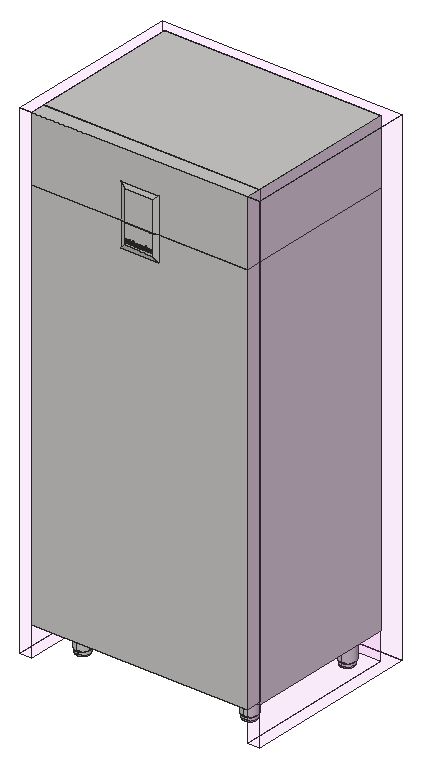
Revit family "QF_ELECTROLUXPROFESSIONAL_691355_PS09F1FHC", category Specialty Equipment, Revit 2018
Family settings
  Round Connector Dimension = Use Diameter
  Part Type = Normal
  Work Plane-Based = No
  Always vertical = Yes
  Cut with Voids When Loaded = No
  Shared = No
  Room Calculation Point = No
Parameters (values of type "Standard")
  Weight = 22.6321 lbm
  Watts = 0 W
  Volts = 220 V
  URL Manufacturer = "http://professional.electrolux.com"
  URL = "http://professional.electrolux.com"
  Steam Supply Size = 0"
  Steam Supply Minimum Pressure = 0.00 psi
  Steam Supply Maximum Pressure = 0.00 psi
  Steam Pounds per Hour = 0
  Show Clearance [instance] = yes
  Refrigeration Suction Line Size = 0"
  Refrigeration Liquid Line Size = 0"
  Refrigerant Compressor Remote = yes
  Phase = 1
  Model = "PS09F1FHC"
  Manufacturer = "Electrolux Professional"
  Length Actual = 900 mm  # constant formula
  Item Number = "691355"
  Hot Water Size = 0"
  Height Actual = 2040 mm  # constant formula
  HP = "0.6 HP"
  Gas Size = 0"
  Gas KW = 0
  Gas Input Pressure = 0.0 Btu/h
  Direct Waste Size = 0"
  Description = "1-DOOR FREEZER 720LT,-15/-22°, PROSTORE-R290"
  Depth Actual = 700 mm  # constant formula
  Cycle = 50 Hz
  Condensate Return Size = 0"
  Compressed Air Volume = 0 GPM
  Compressed Air Size = 0"
  Compressed Air Pressure = 0.00 psi
  Cold Water Size = 0"
  Accessory = yes
Types (2, lengths in mm): name | URL | Phase | Model | Manufacturer | Description
  (no name) | "http://professional.electrolux.com/" | 0 | "RBC201" | "Electrolux" | "BLAST CHILLER 56 KG 20 GN1/1"
  Standard | "http://professional.electrolux.com" | 1 | "PS09F1FHC" | "Electrolux Professional" | "1-DOOR FREEZER 720LT,-15/-22°, PROSTORE-R290"
Values of the unnamed type that differ from the named types
  Volts = 380 V
  URL Manufacturer = "http://professional.electrolux.com/"
  Item Number = "726624"
Reference planes
  plane 1 "BACK": y = 0
  plane 2: z = 0
  plane 3 "LEFT": x = 0
  plane 4 "RIGHT": x = 900
  plane 5 "FRONT": y = -700
  plane 6 "TOP": z = 2040
  plane 7 "Center Y": x = 450
  plane 8 "Center X": y = -350
  plane 9: x = 102
  plane 10: x = 798
  plane 11: z = 115
  plane 12: z = 86
  plane 13: y = -80
  plane 14: y = -694
  plane 15: y = -1527
  plane 16: y = -630
  plane 17: z = 1770
  plane 18: x = -50
  plane 19: y = 50
  plane 20: x = 950
Forms (mm)
  Extrusion 1, solid, material "QF_Metal - Stainless - Polished"
    sketch origin (0, 0, 0) x (1, 0, 0) y (0, 0, 1)
      loop
        line (0, 2040) -> (0, 1770) -> (900, 1770) -> (900, 2040) -> (0, 2040)
    from 0 to 630
  Extrusion 2, solid, material "QF_Metal - Stainless - Polished"
    sketch origin (0, 0, 0) x (1, 0, 0) y (0, 0, 1)
      loop
        line (0, 1770) -> (0, 115) -> (900, 115) -> (900, 1770) -> (0, 1770)
    from 0 to 630
  Extrusion 3, solid, material "QF_Metal - Stainless - Polished"
    sketch origin (-370, 0, -128) x (1, 0, 0) y (0, 0, 1)
      loop
        circle (450, 1847.083) r 20
    from -7.507 to 0
  Extrusion 4, solid, material "QF_Door-Drawer Clearances", visible <- "Show Clearance", detail levels coarse
    sketch origin (0, 0, 0) x (1, 0, 0) y (0, 1, 0)
      loop
        line (900, -694) -> (0, -694)
        arc (0, -694) -> (275.209, -1299.35) -> (900, -1527) r 859.201
        line (900, -1527) -> (900, -694)
    from 127.536 to 1770
  Extrusion 5, solid, material "QF_Metal - Stainless - Polished"
    sketch origin (0, 130.478, 0) x (1, 0, 0) y (0, 0, 1)
      loop
        line (0, 2040) -> (0, 1770) -> (900, 1770) -> (900, 2040) -> (0, 2040)
    from 760.478 to 824.478
  Extrusion 6, solid, material "QF_Metal - Stainless - Polished"
    sketch origin (0, 140, 0) x (1, 0, 0) y (0, 0, 1)
      loop
        line (0, 1770) -> (0, 127.536) -> (900, 127.536) -> (900, 1770) -> (0, 1770)
    from 834 to 770
  Revolve 7, solid, material "QF_Metal - Stainless - Polished"
    sketch origin (798, -2.833, 0) x (0, 1, 0) y (0, 0, -1)
      loop
        line (-590.954, -115) -> (-553.167, -115) -> (-553.167, 0) -> (-578.757, 0)
        arc (-578.757, 0) -> (-580.973, -2.655) -> (-581.767, -6.021) r 7.527
        line (-581.767, -6.021) -> (-581.767, -17.561) -> (-585.28, -21.074) -> (-585.28, -110.008) -> (-590.954, -110.008) -> (-590.954, -115)
      axis (-553.167, 0) -> (-553.167, -115)
    angle from 0 to 360
  Revolve 8, solid, material "QF_Metal - Stainless - Polished"
    sketch origin (102, -2.833, 0) x (0, 1, 0) y (0, 0, 1)
      loop
        line (-590.954, 115) -> (-590.954, 110.008) -> (-585.28, 110.008) -> (-585.28, 21.074) -> (-581.767, 17.561) -> (-581.767, 6.021)
        arc (-581.767, 6.021) -> (-580.973, 2.655) -> (-578.757, 0) r 7.527
        line (-578.757, 0) -> (-553.167, 0) -> (-553.167, 115) -> (-590.954, 115)
      axis (-553.167, 0) -> (-553.167, 115)
    angle from 0 to 360
  Revolve 9, solid, material "QF_Metal - Stainless - Polished"
    sketch origin (824, -759.167, 0) x (0, -1, 0) y (0, 0, 1)
      loop
        line (-716.954, 115) -> (-716.954, 110.008) -> (-711.28, 110.008) -> (-711.28, 21.074) -> (-707.767, 17.561) -> (-707.767, 6.021)
        arc (-707.767, 6.021) -> (-706.973, 2.655) -> (-704.757, 0) r 7.527
        line (-704.757, 0) -> (-679.167, 0) -> (-679.167, 115) -> (-716.954, 115)
      axis (-679.167, 0) -> (-679.167, 115)
    angle from 0 to 360
  Revolve 10, solid, material "QF_Metal - Stainless - Polished"
    sketch origin (76, -759.167, 0) x (0, -1, 0) y (0, 0, 1)
      loop
        line (-716.954, 115) -> (-716.954, 110.008) -> (-711.28, 110.008) -> (-711.28, 21.074) -> (-707.767, 17.561) -> (-707.767, 6.021)
        arc (-707.767, 6.021) -> (-706.973, 2.655) -> (-704.757, 0) r 7.527
        line (-704.757, 0) -> (-679.167, 0) -> (-679.167, 115) -> (-716.954, 115)
      axis (-679.167, 0) -> (-679.167, 115)
    angle from 0 to 360
  Blend 11, solid, material "QF_Metal - Stainless - Polished"
    base sketch origin (0, -694, 0) x (1, 0, 0) y (0, 0, 1)
      loop
        line (370, 1914.822) -> (370, 1664.822) -> (530, 1664.822) -> (530, 1914.822) -> (370, 1914.822)
    top sketch origin (0, -694, 0) x (1, 0, 0) y (0, 0, 1)
      loop
        line (510, 1894.822) -> (390, 1894.822) -> (390, 1684.822) -> (510, 1684.822) -> (510, 1894.822)
    from 0 to 6
  Extrusion 12, void
    sketch origin (0, -700, 0) x (-1, 0, 0) y (0, 0, 1)
      loop
        line (-370, 1770.997) -> (-530, 1770.997) -> (-530, 1769.003) -> (-370, 1769.003) -> (-370, 1770.997)
    from 0 to 6
  Extrusion 13, solid, material "QF_Door-Drawer Clearances"
    sketch origin (0, 0, 0) x (1, 0, 0) y (0, 1, 0)
      loop
        line (0, -694) -> (0, 0) -> (900, 0) -> (900, -694) -> (950, -694) -> (950, 50) -> (-50, 50) -> (-50, -694) -> (0, -694)
    from 0 to 2040
Cuts and joins
  Extrusion 12 cuts Extrusion 1
  Extrusion 12 cuts Extrusion 2
  Extrusion 12 cuts Extrusion 5
  Extrusion 12 cuts Extrusion 6
  Extrusion 12 cuts Blend 11
Lines and regions (mm)
  Split face 1
    outline origin (0, -700, 0) x (1, 0, 0) y (0, 0, 1)
      loop
        line (415, 1894.822) -> (415, 1742.499) -> (485, 1742.499) -> (485, 1894.822)
  symbolic lines
    curve 1: line (0, 0, 0) -> (900, 0, 0)
    curve 2: line (0, -694, 0) -> (0, 0, 0)
    curve 3: line (900, -694, 0) -> (0, -694, 0)
    curve 4: line (900, 0, 0) -> (900, -694, 0)
    curve 5: line (0, -630, 0) -> (900, -630, 0)
    curve 6: line (370, -694, 0) -> (390, -700, 0)
    curve 7: line (390, -700, 0) -> (510, -700, 0)
    curve 8: line (510, -700, 0) -> (530, -694, 0)
  symbolic lines, style "QF_Door-Drawer Clearances"
    curve 9: arc (0, -694, 0) -> (275.209, -1299.35, 0) -> (900, -1527, 0) r 859.201
    curve 10: line (900, -1527, 0) -> (900, -694, 0)
    curve 11: line (0, -694, 0) -> (-50, -694, 0)
    curve 12: line (-50, -694, 0) -> (-50, 50, 0)
    curve 13: line (-50, 50, 0) -> (950, 50, 0)
    curve 14: line (950, 50, 0) -> (950, -694, 0)
    curve 15: line (950, -694, 0) -> (900, -694, 0)
Dimensions and locks
  equal spacing: plane 3 "LEFT", plane 7 "Center Y", plane 4 "RIGHT"
  plane 3 "LEFT" to plane 4 "RIGHT" = 900 mm
  equal spacing: plane 5 "FRONT", plane 8 "Center X", plane 1 "BACK"
  plane 5 "FRONT" to plane 1 "BACK" = 700 mm
  plane 6 "TOP" to level = 2040 mm
  plane 9 to plane 3 "LEFT" = 102 mm
  plane 10 to plane 4 "RIGHT" = 102 mm
  plane 10 to plane 9 = 696 mm
  plane 11 to level = 115 mm
  plane 12 to plane 11 = 29 mm
  plane 1 "BACK" to plane 13 = 80 mm
  plane 15 to plane 1 "BACK" = 1527 mm
  plane 3 "LEFT" to Extrusion 4 = 900 mm
  plane 11 to plane 2 = 115 mm
  plane 1 "BACK" to plane 16 = 630 mm
  plane 18 to plane 3 "LEFT" = 50 mm
  plane 4 "RIGHT" to plane 20 = 50 mm
  plane 1 "BACK" to plane 19 = 50 mm
  aligned and locked: level to plane 2
  aligned and locked: Extrusion 5 to plane 4 "RIGHT"
  aligned and locked: Extrusion 5 to plane 3 "LEFT"
  aligned and locked: plane 5 "FRONT" to Blend 11
Automatic sketch dimensions
  Extrusion 1 sketch curve to plane 3 "LEFT" = 0 mm
  plane 4 "RIGHT" to Extrusion 1 sketch curve = 0 mm
  Extrusion 1 sketch curve to plane 17 = 0 mm
  Extrusion 1 sketch curve to plane 6 "TOP" = 0 mm
  Extrusion 2 sketch curve to plane 3 "LEFT" = 0 mm
  plane 4 "RIGHT" to Extrusion 2 sketch curve = 0 mm
  Extrusion 2 sketch curve to plane 11 = 0 mm
  Extrusion 2 sketch curve to plane 17 = 0 mm
  Extrusion 3 sketch curve to plane 9 = 22 mm
  Extrusion 3 sketch curve to plane 17 = 50.917 mm
  Extrusion 4 sketch curve to plane 3 "LEFT" = 0 mm
  Extrusion 4 sketch curve to plane 4 "RIGHT" = 0 mm
  Extrusion 4 sketch curve to plane 15 = 0 mm
  plane 14 to Extrusion 4 sketch curve = 0 mm
  Extrusion 4 sketch curve to plane 14 = 25.214 mm
  Extrusion 5 sketch curve to plane 3 "LEFT" = 0 mm
  plane 4 "RIGHT" to Extrusion 5 sketch curve = 0 mm
  Extrusion 5 sketch curve to plane 17 = 0 mm
  Extrusion 5 sketch curve to plane 6 "TOP" = 0 mm
  Extrusion 6 sketch curve to plane 3 "LEFT" = 0 mm
  plane 4 "RIGHT" to Extrusion 6 sketch curve = 0 mm
  Extrusion 6 sketch curve to plane 17 = 0 mm
  plane 11 to Extrusion 6 sketch curve = 12.536 mm
  plane 11 to Revolve 7 sketch curve = 0 mm
  Revolve 7 sketch curve to level = 0 mm
  plane 16 to Revolve 7 sketch curve = 36.213 mm
  Revolve 7 sketch curve to Revolve 7 sketch curve = 5.674 mm
  Revolve 7 sketch curve to Revolve 7 sketch curve = 3.513 mm  (x2)
  Revolve 7 sketch curve to Revolve 7 sketch curve = 3.01 mm
  level to Revolve 7 sketch curve = 6.021 mm
  Revolve 7 sketch curve to Revolve 7 sketch curve = 21.073 mm
  Revolve 7 sketch curve to plane 11 = 4.992 mm  (x2)
  Revolve 7 sketch curve to Revolve 7 sketch curve = 15.053 mm
  Revolve 7 sketch curve to Revolve 7 sketch curve = 0 mm
  Revolve 7 sketch curve to Revolve 7 sketch curve = 20.008 mm
  Revolve 8 sketch curve to plane 11 = 0 mm
  Revolve 8 sketch curve to level = 0 mm
  plane 16 to Revolve 8 sketch curve = 36.213 mm
  Revolve 8 sketch curve to Revolve 8 sketch curve = 5.674 mm
  Revolve 8 sketch curve to Revolve 8 sketch curve = 3.513 mm  (x2)
  Revolve 8 sketch curve to Revolve 8 sketch curve = 3.01 mm
  level to Revolve 8 sketch curve = 6.021 mm
  Revolve 8 sketch curve to Revolve 8 sketch curve = 21.073 mm
  Revolve 8 sketch curve to Revolve 8 sketch curve = 11.54 mm
  Revolve 8 sketch curve to plane 11 = 4.992 mm
  Revolve 8 sketch curve to Revolve 8 sketch curve = 0 mm
  Revolve 8 sketch curve to Revolve 8 sketch curve = 4.992 mm
  plane 11 to Revolve 8 sketch curve = 20.008 mm
  Revolve 9 sketch curve to plane 11 = 0 mm
  Revolve 9 sketch curve to level = 0 mm
  Revolve 9 sketch curve to plane 13 = 0 mm  (x2)
  level to Revolve 9 sketch curve = 6.021 mm
  Revolve 9 sketch curve to plane 13 = 21.073 mm
  Revolve 9 sketch curve to Revolve 9 sketch curve = 4.517 mm
  Revolve 9 sketch curve to Revolve 9 sketch curve = 3.513 mm  (x2)
  Revolve 9 sketch curve to Revolve 9 sketch curve = 5.674 mm
  Revolve 9 sketch curve to Revolve 9 sketch curve = 11.54 mm
  Revolve 9 sketch curve to plane 11 = 4.992 mm
  Revolve 9 sketch curve to Revolve 9 sketch curve = 4.992 mm
  plane 11 to Revolve 9 sketch curve = 20.008 mm
  Revolve 10 sketch curve to plane 11 = 0 mm
  Revolve 10 sketch curve to level = 0 mm
  Revolve 10 sketch curve to plane 13 = 0 mm  (x2)
  Revolve 10 sketch curve to level = 6.021 mm
  plane 13 to Revolve 10 sketch curve = 21.073 mm
  Revolve 10 sketch curve to Revolve 10 sketch curve = 4.517 mm
  Revolve 10 sketch curve to Revolve 10 sketch curve = 3.513 mm  (x2)
  Revolve 10 sketch curve to Revolve 10 sketch curve = 5.674 mm
  Revolve 10 sketch curve to Revolve 10 sketch curve = 11.54 mm
  plane 11 to Revolve 10 sketch curve = 4.992 mm  (x2)
  Revolve 10 sketch curve to Revolve 10 sketch curve = 20.008 mm
  Blend 11 sketch curve to Extrusion 6 = 105.178 mm
  Blend 11 sketch curve to Extrusion 6 = 370 mm
  Blend 11 sketch curve to Blend 11 sketch curve = 160 mm
  Extrusion 6 to Blend 11 sketch curve = 144.822 mm
  Extrusion 6 to Blend 11 sketch curve = 124.822 mm
  Blend 11 sketch curve to Extrusion 6 = 390 mm
  Blend 11 sketch curve to Blend 11 sketch curve = 120 mm
  Blend 11 sketch curve to Extrusion 6 = 85.178 mm
  Split face 1 sketch curve to Blend 11 = 0 mm  (x2)
  Split face 1 sketch curve to Blend 11 = 25 mm  (x2)
  Split face 1 sketch curve to Blend 11 = 57.677 mm
  Extrusion 12 sketch curve to Blend 11 = 20 mm  (x2)
  Blend 11 to Extrusion 12 sketch curve = 84.181 mm
  Extrusion 12 sketch curve to Extrusion 12 sketch curve = 1.995 mm
  Extrusion 13 sketch curve to plane 18 = 0 mm
  plane 1 "BACK" to Extrusion 13 sketch curve = 0 mm
  Extrusion 13 sketch curve to plane 3 "LEFT" = 0 mm
  Extrusion 13 sketch curve to plane 4 "RIGHT" = 0 mm
  Extrusion 13 sketch curve to plane 19 = 0 mm
  Extrusion 13 sketch curve to plane 20 = 0 mm
  plane 14 to Extrusion 13 sketch curve = 0 mm  (x2)
  curve 13 to plane 18 = 0 mm
  curve 3 to plane 3 "LEFT" = 0 mm
  plane 5 "FRONT" to curve 7 = 0 mm
  curve 9 to plane 4 "RIGHT" = 0 mm
  curve 15 to plane 4 "RIGHT" = 0 mm
  plane 14 to curve 14 = 0 mm
  curve 14 to plane 20 = 0 mm
  curve 10 to plane 15 = 0 mm
  curve 5 to plane 16 = 0 mm
  plane 1 "BACK" to curve 4 = 0 mm
  curve 13 to plane 19 = 0 mm
  curve 7 to plane 7 "Center Y" = 60 mm
  plane 7 "Center Y" to curve 8 = 60 mm
  curve 9 to plane 14 = 25.214 mm
  curve 6 to curve 6 = 20 mm
  curve 7 to curve 8 = 20 mm
  radius of Extrusion 3 sketch curve = 20 mm
Nested families
  nested 1: "ELX_Logo_S" at (450.625, -700, 1704.375) x (1, 0, 0) z (0, -1, 0), type "ELX_Logo_S"
Connectors
  electrical at (80, 7.507, 1719.083), driven by "Volts"
    settings: on Extrusion 3, index 2, voltage 220 V, apparent load 0 VA, apparent load phase1 0 VA, apparent load phase2 0 VA, apparent load phase3 0 VA, power factor 1, load classification "Other", number of poles 1, system type 30, power factor state 1, is connector primary yes, connector utility no, sub classification motor no, connector description "Electrical Connection"
Definition of nested family "ELX_Logo_S"
  Parameters (values of type "ELX_Logo_S")
    Default Elevation = 0 mm
  Reference planes
    plane 1 "Centro (Fronte/Retro)": y = 0
    plane 2: z = 0
    plane 3 "Centro (Sinistra/Destra)": x = 0
  Forms (mm)
    Extrusion 1, solid
      sketch origin (0, 0, 0) x (1, 0, 0) y (0, 1, 0)
        loop
          line (-1219.2, 1219.2) -> (-1219.2, -1219.2) -> (1219.2, -1219.2) -> (1219.2, 1219.2) -> (-1219.2, 1219.2)
      from 0 to -304.8
    Extrusion 2, solid
      sketch origin (0, 0, 0) x (1, 0, 0) y (0, 1, 0)
        loop
          line (-43.793, 5.912) -> (-43.793, -6.455)
          arc (-43.793, -6.455) -> (-39.222, -0.272) -> (-43.793, 5.912) r 6.467
        loop
          arc (-44.422, 5.912) -> (-49.565, 4.743) -> (-52.043, 0.087) r 6.338
          line (-52.043, 0.087) -> (-49.997, 0.087)
          arc (-49.997, 0.087) -> (-46.342, 1.57) -> (-44.422, 5.016) r 5.941
          line (-44.422, 5.016) -> (-44.422, 5.912)
        loop
          arc (-44.422, -5.559) -> (-46.342, -2.114) -> (-49.997, -0.63) r 5.941
          line (-49.997, -0.63) -> (-52.043, -0.63)
          arc (-52.043, -0.63) -> (-49.569, -5.324) -> (-44.422, -6.614) r 6.504
          line (-44.422, -6.614) -> (-44.422, -5.559)
        loop
          line (-52.512, 6.586) -> (-52.512, -7.158) -> (-38.749, -7.158) -> (-38.749, 6.586) -> (-52.512, 6.586)
        loop
          arc (-35.782, 6.67) -> (-36.139, 6.322) -> (-35.801, 5.955) r 0.358
          arc (-35.801, 5.955) -> (-35.051, 5.641) -> (-34.666, 4.924) r 1.216
          line (-34.666, 4.924) -> (-34.666, -5.488)
          arc (-34.666, -5.488) -> (-34.944, -6.148) -> (-35.54, -6.544) r 1.238
          arc (-35.54, -6.544) -> (-35.791, -6.939) -> (-35.437, -7.244) r 0.358
          line (-35.437, -7.244) -> (-25.558, -7.244) -> (-25.558, -4.494) -> (-26.455, -4.494)
          arc (-26.455, -4.494) -> (-27.035, -5.403) -> (-28.012, -5.858) r 1.928
          line (-28.012, -5.858) -> (-30.511, -5.858)
          arc (-30.511, -5.858) -> (-31.24, -5.583) -> (-31.604, -4.894) r 1.101
          line (-31.604, -4.894) -> (-31.604, -0.808) -> (-27.931, -0.808)
          arc (-27.931, -0.808) -> (-27.434, -1.16) -> (-27.206, -1.725) r 1.083
          arc (-27.206, -1.725) -> (-26.9, -1.989) -> (-26.622, -1.697) r 0.292
          line (-26.622, -1.697) -> (-26.622, 1.265)
          arc (-26.622, 1.265) -> (-26.895, 1.568) -> (-27.225, 1.329) r 0.305
          arc (-27.225, 1.329) -> (-27.473, 0.839) -> (-27.931, 0.534) r 1.083
          line (-27.931, 0.534) -> (-31.604, 0.534) -> (-31.604, 5.211) -> (-27.857, 5.211)
          arc (-27.857, 5.211) -> (-27.101, 4.997) -> (-26.603, 4.39) r 1.314
          arc (-26.603, 4.39) -> (-26.199, 4.171) -> (-25.907, 4.526) r 0.361
          line (-25.907, 4.526) -> (-25.907, 6.67) -> (-35.782, 6.67)
        loop
          arc (-25.126, 5.953) -> (-24.207, 5.572) -> (-23.827, 4.654) r 1.299
          line (-23.827, 4.654) -> (-23.827, -4.925)
          arc (-23.827, -4.925) -> (-24.205, -5.763) -> (-25.083, -6.035) r 1.118
          line (-25.083, -6.035) -> (-25.083, -7.244) -> (-19.733, -7.244) -> (-19.733, -6.056)
          arc (-19.733, -6.056) -> (-20.65, -5.784) -> (-21.046, -4.914) r 1.153
          line (-21.046, -4.914) -> (-21.046, 7.158) -> (-25.126, 5.953)
        loop
          line (-17.097, -2.28) -> (-10.65, -2.28) -> (-10.65, -1.481)
          arc (-10.65, -1.481) -> (-11.634, 1.1) -> (-14.088, 2.369) r 3.874
          line (-14.088, 2.369) -> (-15.848, 2.369)
          arc (-15.848, 2.369) -> (-18.713, 1.182) -> (-19.899, -1.682) r 4.051
          line (-19.899, -1.682) -> (-19.899, -3.691)
          arc (-19.899, -3.691) -> (-18.414, -6.509) -> (-15.407, -7.561) r 4.352
          arc (-15.407, -7.561) -> (-12.944, -7.196) -> (-10.87, -5.819) r 5.713
          line (-10.87, -5.819) -> (-10.87, -4.87)
          arc (-10.87, -4.87) -> (-12.439, -5.603) -> (-14.157, -5.819) r 5.579
          arc (-14.157, -5.819) -> (-16.12, -5.025) -> (-17.097, -3.146) r 3.057
          line (-17.097, -3.146) -> (-17.097, -2.28)
        loop
          line (-17.097, -1.02) -> (-13.515, -1.02)
          arc (-13.515, -1.02) -> (-13.468, 0.436) -> (-14.627, 1.319) r 1.59
          line (-14.627, 1.319) -> (-15.457, 1.319)
          arc (-15.457, 1.319) -> (-16.712, 0.455) -> (-17.097, -1.02) r 2.184
        loop
          arc (-1.232, 1.771) -> (-2.906, 2.259) -> (-4.643, 2.417) r 9.023
          line (-4.643, 2.417) -> (-6.005, 2.417)
          arc (-6.005, 2.417) -> (-8.805, 1.257) -> (-9.965, -1.542) r 3.959
          line (-9.965, -1.542) -> (-9.965, -4.142)
          arc (-9.965, -4.142) -> (-8.672, -6.424) -> (-6.299, -7.541) r 4.331
          line (-6.299, -7.541) -> (-4.164, -7.541)
          arc (-4.164, -7.541) -> (-2.614, -7.033) -> (-1.268, -6.112) r 5.772
          arc (-1.268, -6.112) -> (-1.217, -5.35) -> (-1.976, -5.263) r 0.553
          arc (-1.976, -5.263) -> (-2.71, -5.651) -> (-3.529, -5.785) r 2.573
          line (-3.529, -5.785) -> (-5.044, -5.785)
          arc (-5.044, -5.785) -> (-6.686, -4.779) -> (-7.328, -2.965) r 2.884
          line (-7.328, -2.965) -> (-7.328, -1.686)
          arc (-7.328, -1.686) -> (-6.768, 0.135) -> (-5.103, 1.062) r 2.554
          line (-5.103, 1.062) -> (-4.05, 1.062)
          arc (-4.05, 1.062) -> (-3.122, 0.73) -> (-2.387, 0.073) r 2.564
          arc (-2.387, 0.073) -> (-1.67, -0.148) -> (-1.232, 0.461) r 0.643
          line (-1.232, 0.461) -> (-1.232, 1.771)
        loop
          line (-0.962, 0.752) -> (0.539, 0.752) -> (0.539, -5.296)
          arc (0.539, -5.296) -> (1.197, -6.884) -> (2.785, -7.541) r 2.246
          line (2.785, -7.541) -> (4.369, -7.541)
          arc (4.369, -7.541) -> (5.233, -7.228) -> (6.005, -6.727) r 4.06
          arc (6.005, -6.727) -> (6.138, -5.995) -> (5.437, -5.743) r 0.576
          arc (5.437, -5.743) -> (4.911, -5.849) -> (4.379, -5.785) r 1.69
          arc (4.379, -5.785) -> (3.591, -5.244) -> (3.288, -4.337) r 1.506
          line (3.288, -4.337) -> (3.288, 0.801) -> (5.685, 0.801) -> (6.241, 1.357) -> (6.241, 2.179) -> (3.382, 2.179) -> (3.382, 5.41) -> (-0.962, 0.752)
        loop
          line (7.139, -7.324) -> (12.526, -7.324) -> (12.526, -6.214)
          arc (12.526, -6.214) -> (11.575, -5.82) -> (11.181, -4.869) r 1.345
          line (11.181, -4.869) -> (11.181, -1.253)
          arc (11.181, -1.253) -> (11.773, -0.488) -> (12.695, -0.199) r 1.615
          line (12.695, -0.199) -> (14.251, -0.199) -> (14.936, 2.357) -> (13.553, 2.357) -> (10.994, 0.414) -> (10.994, 2.295) -> (8.288, 2.01)
          arc (8.288, 2.01) -> (7.758, 1.571) -> (7.959, 0.912) r 0.621
          arc (7.959, 0.912) -> (8.301, 0.512) -> (8.484, 0.018) r 1.501
          line (8.484, 0.018) -> (8.484, -4.869)
          arc (8.484, -4.869) -> (8.09, -5.82) -> (7.139, -6.214) r 1.345
          line (7.139, -6.214) -> (7.139, -7.324)
        loop
          line (14.473, -1.222) -> (14.473, -3.914)
          arc (14.473, -3.914) -> (15.781, -6.36) -> (18.311, -7.494) r 4.288
          arc (18.311, -7.494) -> (19.692, -7.557) -> (21.072, -7.494) r 15.022
          arc (21.072, -7.494) -> (23.603, -6.36) -> (24.91, -3.914) r 4.288
          line (24.91, -3.914) -> (24.91, -1.222)
          arc (24.91, -1.222) -> (23.603, 1.223) -> (21.072, 2.357) r 4.288
          arc (21.072, 2.357) -> (19.692, 2.421) -> (18.311, 2.357) r 15.022
          arc (18.311, 2.357) -> (15.781, 1.223) -> (14.473, -1.222) r 4.288
        loop
          line (17.587, -1.017) -> (17.587, -4.119)
          arc (17.587, -4.119) -> (19.744, -6.276) -> (21.901, -4.119) r 2.157
          line (21.901, -4.119) -> (21.901, -1.017)
          arc (21.901, -1.017) -> (19.744, 1.14) -> (17.587, -1.017) r 2.157
        loop
          arc (24.768, 5.964) -> (25.662, 5.593) -> (26.033, 4.699) r 1.264
          line (26.033, 4.699) -> (26.033, -5.165)
          arc (26.033, -5.165) -> (25.636, -6.035) -> (24.72, -6.307) r 1.153
          line (24.72, -6.307) -> (24.72, -7.244) -> (29.828, -7.244) -> (29.828, -6.316)
          arc (29.828, -6.316) -> (29.056, -5.957) -> (28.741, -5.165) r 1.153
          line (28.741, -5.165) -> (28.741, 7.158) -> (24.768, 5.964)
        loop
          arc (29.365, 1.084) -> (30.43, 0.885) -> (30.912, -0.085) r 1.215
          line (30.912, -0.085) -> (30.912, -5.105)
          arc (30.912, -5.105) -> (31.559, -6.719) -> (33.142, -7.44) r 2.338
          line (33.142, -7.44) -> (34.657, -7.44)
          arc (34.657, -7.44) -> (35.661, -7.266) -> (36.547, -6.763) r 2.979
          line (36.547, -6.763) -> (38.344, -7.244) -> (40.032, -7.244) -> (40.032, 2.181) -> (35.829, 1.887) -> (35.829, 1.101)
          arc (35.829, 1.101) -> (36.665, 0.745) -> (37.174, -0.007) r 1.605
          line (37.174, -0.007) -> (37.174, -5.11)
          arc (37.174, -5.11) -> (36.237, -5.531) -> (35.213, -5.603) r 2.94
          arc (35.213, -5.603) -> (34.112, -5.042) -> (33.669, -3.889) r 1.724
          line (33.669, -3.889) -> (33.669, 2.307) -> (29.365, 1.084)
        loop
          line (40.886, 2.112) -> (42.932, 0.44) -> (45.238, -2.734) -> (42.126, -6.191)
          arc (42.126, -6.191) -> (41.732, -6.428) -> (41.273, -6.405) r 0.789
          line (41.273, -6.405) -> (41.273, -7.244) -> (44.818, -7.244) -> (44.818, -6.418)
          arc (44.818, -6.418) -> (44.456, -6.076) -> (44.548, -5.586) r 0.52
          line (44.548, -5.586) -> (46.019, -3.786) -> (47.394, -5.904)
          arc (47.394, -5.904) -> (47.084, -6.305) -> (46.585, -6.392) r 0.7
          line (46.585, -6.392) -> (46.585, -7.244) -> (52.512, -7.244) -> (52.512, -6.358)
          arc (52.512, -6.358) -> (51.853, -6.291) -> (51.322, -5.896) r 1.247
          line (51.322, -5.896) -> (48.041, -1.696) -> (50.094, 0.751) -> (51.836, 2.112) -> (48.112, 2.112) -> (48.535, 0.627) -> (47.258, -0.895) -> (46.068, 0.806) -> (46.844, 2.112) -> (40.886, 2.112)
      from 0 to 1.644
  Dimensions and locks
    aligned and locked: plane 2 to Extrusion 1
    aligned and locked: level to Extrusion 1
